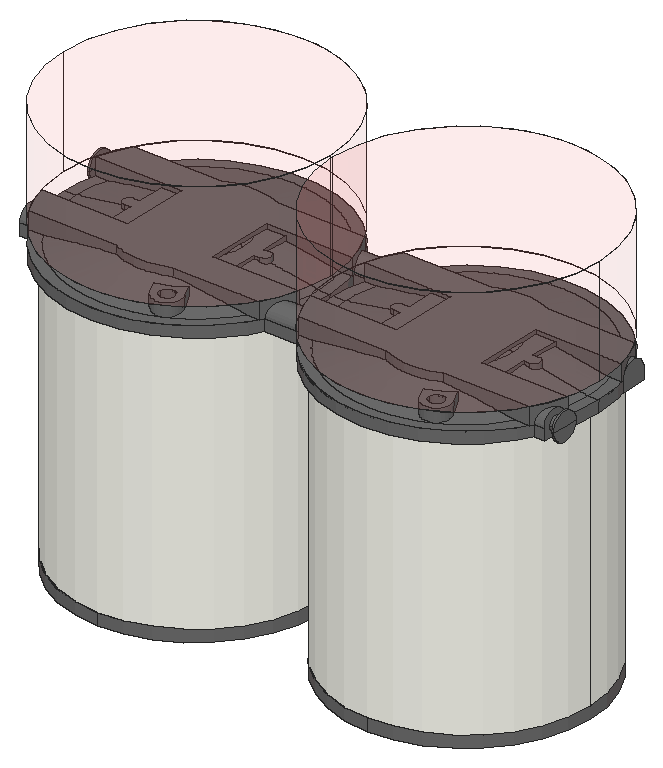
Revit family (continued)
Definition of nested family "Cooling_Plant_Accessories-Calmac-IceBank-Lid_C"
  Dimensions and locks (in)
    aligned and locked: Extrusion 5 sketch curve to plane 10 "Rigging Loop Back"  (x2)
    aligned and locked: plane 20 "Rigging Loop Front" to Extrusion 5 sketch curve  (x2)
    aligned and locked: plane 42 "Right Rigging Left" to Extrusion 5 sketch curve
    aligned and locked: plane 41 "Right Rigging Loop Left" to Extrusion 5 sketch curve  (x2)
    aligned and locked: Masking region 1 sketch curve to plane 2 "Bottom"
    aligned and locked: Masking region 1 sketch curve to plane 29 "Left"
    aligned and locked: plane 37 "Right" to Masking region 1 sketch curve
    aligned and locked: plane 4 "Back" to Masking region 2 sketch curve
    aligned and locked: plane 2 "Bottom" to Masking region 2 sketch curve
    aligned and locked: Masking region 2 sketch curve to plane 14 "Front"
    aligned and locked: plane 11 "Top Back Edge" to Masking region 2 sketch curve  (x2)
    aligned and locked: Masking region 2 sketch curve to plane 21 "Top Front Edge"
    aligned and locked: plane 12 "Back Inset" to Masking region 2 sketch curve
    aligned and locked: plane 21 "Top Front Edge" to Masking region 2 sketch curve
    aligned and locked: Masking region 2 sketch curve to Masking region 2 sketch curve
    aligned and locked: plane 22 "Front Inset" to Masking region 2 sketch curve
    aligned and locked: curve 73 to Extrusion 3
    aligned and locked: plane 8 "Piping Back" to cut or joined group of Revolve 1, Extrusion 2, Extrusion 4, Extrusion 5
    aligned and locked: curve 79 to cut or joined group of Revolve 1, Extrusion 2, Extrusion 4, Extrusion 5
    aligned and locked: curve 83 to cut or joined group of Revolve 1, Extrusion 2, Extrusion 4, Extrusion 5
    aligned and locked: cut or joined group of Revolve 1, Extrusion 2, Extrusion 4, Extrusion 5 to curve 87
    aligned and locked: curve 88 to Extrusion 3
    aligned and locked: curve 89 to Extrusion 3
    aligned and locked: curve 91 to Masking region 2
    aligned and locked: cut or joined group of Revolve 1, Extrusion 2, Extrusion 4, Extrusion 5 to curve 96
    aligned and locked: curve 97 to cut or joined group of Revolve 1, Extrusion 2, Extrusion 4, Extrusion 5
    aligned and locked: cut or joined group of Revolve 1, Extrusion 2, Extrusion 4, Extrusion 5 to curve 99
    aligned and locked: curve 100 to cut or joined group of Revolve 1, Extrusion 2, Extrusion 4, Extrusion 5
    aligned and locked: curve 101 to cut or joined group of Revolve 1, Extrusion 2, Extrusion 4, Extrusion 5
    aligned and locked: cut or joined group of Revolve 1, Extrusion 2, Extrusion 4, Extrusion 5 to curve 102
    aligned and locked: cut or joined group of Revolve 1, Extrusion 2, Extrusion 4, Extrusion 5 to curve 109
    aligned and locked: curve 110 to cut or joined group of Revolve 1, Extrusion 2, Extrusion 4, Extrusion 5
    aligned and locked: curve 111 to cut or joined group of Revolve 1, Extrusion 2, Extrusion 4, Extrusion 5
    aligned and locked: curve 112 to cut or joined group of Revolve 1, Extrusion 2, Extrusion 4, Extrusion 5
    aligned and locked: curve 113 to cut or joined group of Revolve 1, Extrusion 2, Extrusion 4, Extrusion 5
    aligned and locked: curve 114 to cut or joined group of Revolve 1, Extrusion 2, Extrusion 4, Extrusion 5
    aligned and locked: curve 115 to cut or joined group of Revolve 1, Extrusion 2, Extrusion 4, Extrusion 5
    aligned and locked: curve 116 to cut or joined group of Revolve 1, Extrusion 2, Extrusion 4, Extrusion 5
    aligned and locked: curve 117 to cut or joined group of Revolve 1, Extrusion 2, Extrusion 4, Extrusion 5
    aligned and locked: curve 118 to cut or joined group of Revolve 1, Extrusion 2, Extrusion 4, Extrusion 5
    aligned and locked: curve 119 to cut or joined group of Revolve 1, Extrusion 2, Extrusion 4, Extrusion 5
    aligned and locked: curve 120 to cut or joined group of Revolve 1, Extrusion 2, Extrusion 4, Extrusion 5
    aligned and locked: curve 121 to cut or joined group of Revolve 1, Extrusion 2, Extrusion 4, Extrusion 5
    aligned and locked: curve 122 to cut or joined group of Revolve 1, Extrusion 2, Extrusion 4, Extrusion 5
    aligned and locked: curve 123 to cut or joined group of Revolve 1, Extrusion 2, Extrusion 4, Extrusion 5
    aligned and locked: curve 124 to cut or joined group of Revolve 1, Extrusion 2, Extrusion 4, Extrusion 5
    aligned and locked: curve 125 to cut or joined group of Revolve 1, Extrusion 2, Extrusion 4, Extrusion 5
    aligned and locked: curve 126 to cut or joined group of Revolve 1, Extrusion 2, Extrusion 4, Extrusion 5
    aligned and locked: curve 127 to cut or joined group of Revolve 1, Extrusion 2, Extrusion 4, Extrusion 5
    aligned and locked: curve 128 to cut or joined group of Revolve 1, Extrusion 2, Extrusion 4, Extrusion 5
    aligned and locked: curve 129 to cut or joined group of Revolve 1, Extrusion 2, Extrusion 4, Extrusion 5
    aligned and locked: curve 130 to cut or joined group of Revolve 1, Extrusion 2, Extrusion 4, Extrusion 5
    aligned and locked: curve 131 to cut or joined group of Revolve 1, Extrusion 2, Extrusion 4, Extrusion 5
    aligned and locked: curve 132 to cut or joined group of Revolve 1, Extrusion 2, Extrusion 4, Extrusion 5
    aligned and locked: curve 133 to cut or joined group of Revolve 1, Extrusion 2, Extrusion 4, Extrusion 5
    aligned and locked: curve 134 to cut or joined group of Revolve 1, Extrusion 2, Extrusion 4, Extrusion 5
    aligned and locked: curve 135 to cut or joined group of Revolve 1, Extrusion 2, Extrusion 4, Extrusion 5
    aligned and locked: curve 136 to cut or joined group of Revolve 1, Extrusion 2, Extrusion 4, Extrusion 5
    aligned and locked: curve 137 to cut or joined group of Revolve 1, Extrusion 2, Extrusion 4, Extrusion 5
    aligned and locked: curve 138 to cut or joined group of Revolve 1, Extrusion 2, Extrusion 4, Extrusion 5
    aligned and locked: cut or joined group of Revolve 1, Extrusion 2, Extrusion 4, Extrusion 5 to curve 139
    aligned and locked: curve 140 to cut or joined group of Revolve 1, Extrusion 2, Extrusion 4, Extrusion 5
    aligned and locked: curve 141 to cut or joined group of Revolve 1, Extrusion 2, Extrusion 4, Extrusion 5
    aligned and locked: cut or joined group of Revolve 1, Extrusion 2, Extrusion 4, Extrusion 5 to curve 142
    aligned and locked: curve 143 to cut or joined group of Revolve 1, Extrusion 2, Extrusion 4, Extrusion 5
    aligned and locked: curve 144 to cut or joined group of Revolve 1, Extrusion 2, Extrusion 4, Extrusion 5
    aligned and locked: curve 145 to cut or joined group of Revolve 1, Extrusion 2, Extrusion 4, Extrusion 5
    aligned and locked: curve 146 to cut or joined group of Revolve 1, Extrusion 2, Extrusion 4, Extrusion 5
    aligned and locked: curve 147 to cut or joined group of Revolve 1, Extrusion 2, Extrusion 4, Extrusion 5
    aligned and locked: curve 148 to cut or joined group of Revolve 1, Extrusion 2, Extrusion 4, Extrusion 5
    aligned and locked: curve 149 to cut or joined group of Revolve 1, Extrusion 2, Extrusion 4, Extrusion 5
    aligned and locked: curve 150 to cut or joined group of Revolve 1, Extrusion 2, Extrusion 4, Extrusion 5
    aligned and locked: curve 151 to cut or joined group of Revolve 1, Extrusion 2, Extrusion 4, Extrusion 5
    aligned and locked: curve 152 to cut or joined group of Revolve 1, Extrusion 2, Extrusion 4, Extrusion 5
    aligned and locked: curve 153 to cut or joined group of Revolve 1, Extrusion 2, Extrusion 4, Extrusion 5
    aligned and locked: curve 154 to cut or joined group of Revolve 1, Extrusion 2, Extrusion 4, Extrusion 5
    aligned and locked: curve 117 to curve 155
    aligned and locked: plane 19 "Rigging Front" to curve 156
    aligned and locked: plane 9 "Rigging Back" to curve 156
    aligned and locked: curve 111 to curve 157
    aligned and locked: plane 19 "Rigging Front" to curve 158
    aligned and locked: plane 9 "Rigging Back" to curve 158
    aligned and locked: plane 8 "Piping Back" to curve 157  (x2)
    aligned and locked: curve 159 to cut or joined group of Revolve 1, Extrusion 2, Extrusion 4, Extrusion 5
    aligned and locked: curve 160 to cut or joined group of Revolve 1, Extrusion 2, Extrusion 4, Extrusion 5
    aligned and locked: curve 161 to curve 159
    aligned and locked: curve 162 to curve 160
    aligned and locked: curve 163 to cut or joined group of Revolve 1, Extrusion 2, Extrusion 4, Extrusion 5
    aligned and locked: curve 164 to cut or joined group of Revolve 1, Extrusion 2, Extrusion 4, Extrusion 5
    aligned and locked: curve 165 to cut or joined group of Revolve 1, Extrusion 2, Extrusion 4, Extrusion 5
    aligned and locked: curve 166 to cut or joined group of Revolve 1, Extrusion 2, Extrusion 4, Extrusion 5
    aligned and locked: curve 167 to cut or joined group of Revolve 1, Extrusion 2, Extrusion 4, Extrusion 5
    aligned and locked: curve 168 to cut or joined group of Revolve 1, Extrusion 2, Extrusion 4, Extrusion 5
    aligned and locked: curve 169 to cut or joined group of Revolve 1, Extrusion 2, Extrusion 4, Extrusion 5
    aligned and locked: curve 170 to cut or joined group of Revolve 1, Extrusion 2, Extrusion 4, Extrusion 5
    aligned and locked: cut or joined group of Revolve 1, Extrusion 2, Extrusion 4, Extrusion 5 to curve 171
    aligned and locked: curve 172 to cut or joined group of Revolve 1, Extrusion 2, Extrusion 4, Extrusion 5
    aligned and locked: curve 173 to cut or joined group of Revolve 1, Extrusion 2, Extrusion 4, Extrusion 5
    aligned and locked: curve 174 to cut or joined group of Revolve 1, Extrusion 2, Extrusion 4, Extrusion 5
    aligned and locked: curve 175 to cut or joined group of Revolve 1, Extrusion 2, Extrusion 4, Extrusion 5
    aligned and locked: curve 176 to cut or joined group of Revolve 1, Extrusion 2, Extrusion 4, Extrusion 5
    aligned and locked: curve 177 to cut or joined group of Revolve 1, Extrusion 2, Extrusion 4, Extrusion 5
    aligned and locked: curve 178 to cut or joined group of Revolve 1, Extrusion 2, Extrusion 4, Extrusion 5
    aligned and locked: curve 179 to cut or joined group of Revolve 1, Extrusion 2, Extrusion 4, Extrusion 5
    aligned and locked: curve 180 to cut or joined group of Revolve 1, Extrusion 2, Extrusion 4, Extrusion 5
    aligned and locked: cut or joined group of Revolve 1, Extrusion 2, Extrusion 4, Extrusion 5 to curve 181
    aligned and locked: cut or joined group of Revolve 1, Extrusion 2, Extrusion 4, Extrusion 5 to curve 182
    aligned and locked: cut or joined group of Revolve 1, Extrusion 2, Extrusion 4, Extrusion 5 to curve 183
    aligned and locked: cut or joined group of Revolve 1, Extrusion 2, Extrusion 4, Extrusion 5 to curve 184
    aligned and locked: curve 185 to cut or joined group of Revolve 1, Extrusion 2, Extrusion 4, Extrusion 5
    aligned and locked: cut or joined group of Revolve 1, Extrusion 2, Extrusion 4, Extrusion 5 to curve 186
    aligned and locked: curve 187 to cut or joined group of Revolve 1, Extrusion 2, Extrusion 4, Extrusion 5
    aligned and locked: cut or joined group of Revolve 1, Extrusion 2, Extrusion 4, Extrusion 5 to curve 188
    aligned and locked: plane 6 "Back Connector Center" to nested 4
    aligned: nested 4 to plane 44 "Connection Sleeve Left"
    aligned and locked: nested 1 to plane 6 "Back Connector Center"
    aligned: nested 1 to plane 45 "Connection Sleeve Right"
    aligned and locked: plane 16 "Fron Connector Center" to nested 2
    aligned: nested 2 to plane 45 "Connection Sleeve Right"
    aligned and locked: nested 3 to plane 16 "Fron Connector Center"
    aligned: nested 3 to plane 44 "Connection Sleeve Left"
    aligned and locked: plane 2 "Bottom" to curve 191
    aligned and locked: plane 1 "Center (Front/Back)" to curve 191
    aligned and locked: plane 3 "Center (Left/Right)" to nested 5
    aligned and locked: plane 1 "Center (Front/Back)" to nested 5
    aligned: plane 54 "Top of Clearance Box" to nested 5
    aligned: plane 55 "Top" to nested 5  (x4)
    aligned and locked: Masking region 1 to plane 55 "Top"
    aligned and locked: plane 57 "Center (Elevation)" to Extrusion 3 sketch curve  (x4)
    aligned and locked: plane 7 "Back Connector Front" to Extrusion 3 sketch curve
    aligned and locked: plane 55 "Top" to cut or joined group of Revolve 1, Extrusion 2, Extrusion 4, Extrusion 5
    aligned and locked: plane 57 "Center (Elevation)" to curve 162
    aligned and locked: cut or joined group of Revolve 1, Extrusion 2, Extrusion 4, Extrusion 5 to plane 57 "Center (Elevation)"
    aligned: plane 57 "Center (Elevation)" to nested 1  (x2)
    aligned: plane 57 "Center (Elevation)" to nested 2  (x2)
    aligned and locked: plane 57 "Center (Elevation)" to cut or joined group of Revolve 1, Extrusion 2, Extrusion 4, Extrusion 5  (x5)
    aligned and locked: curve 161 to plane 57 "Center (Elevation)"
    aligned: plane 57 "Center (Elevation)" to nested 3
    aligned: Masking region 2 to plane 55 "Top"
    aligned: plane 56 "Connector Channel Top" to Masking region 2
    aligned and locked: plane 21 "Top Front Edge" to Masking region 2
    aligned and locked: plane 58 "Front Inset 2" to Masking region 2
    aligned and locked: plane 57 "Center (Elevation)" to curve 78
    aligned and locked: curve 163 to plane 57 "Center (Elevation)"
    aligned and locked: curve 77 to plane 8 "Piping Back"
    aligned and locked: plane 9 "Rigging Back" to curve 86
    aligned and locked: plane 19 "Rigging Front" to curve 80
    aligned and locked: curve 95 to plane 18 "Piping Front"
    aligned and locked: curve 84 to plane 10 "Rigging Loop Back"
    aligned and locked: curve 82 to plane 20 "Rigging Loop Front"
    aligned and locked: cut or joined group of Revolve 1, Extrusion 2, Extrusion 4, Extrusion 5 to plane 56 "Connector Channel Top"
    aligned and locked: nested 5 to plane 54 "Top of Clearance Box"
    aligned and locked: plane 57 "Center (Elevation)" to nested 1
    aligned and locked: plane 57 "Center (Elevation)" to nested 2
    aligned and locked: plane 57 "Center (Elevation)" to nested 3
    aligned and locked: plane 55 "Top" to nested 5  (x6)
    aligned and locked: plane 54 "Top of Clearance Box" to nested 5  (x4)
    aligned and locked: Masking region 2 sketch curve to plane 55 "Top"
    aligned and locked: plane 56 "Connector Channel Top" to Masking region 2 sketch curve
    aligned and locked: curve 192 to curve 177
    aligned and locked: curve 193 to curve 176
    aligned and locked: curve 194 to curve 175
    aligned and locked: curve 195 to curve 174
    aligned and locked: curve 196 to curve 173
    aligned and locked: curve 197 to curve 172
    aligned and locked: curve 198 to curve 171
    aligned and locked: curve 199 to curve 170
    aligned and locked: curve 200 to curve 169
    aligned and locked: curve 201 to curve 180
    aligned and locked: curve 202 to curve 179
    aligned and locked: curve 203 to curve 178
    aligned and locked: curve 204 to curve 162
    aligned and locked: curve 205 to curve 161
    aligned and locked: Extrusion 3 to plane 60 "Insulation - Right"
    aligned and locked: Extrusion 3 to plane 61 "Insulation - Left"
    aligned and locked: plane 7 "Back Connector Front" to Masking region 4 sketch curve
    aligned and locked: Masking region 4 sketch curve to plane 5 "Back Connector Back"
    aligned and locked: plane 17 "Front Connector Back" to Masking region 4 sketch curve
    aligned and locked: Masking region 4 sketch curve to plane 15 "Front Connection Front"
    aligned and locked: plane 61 "Insulation - Left" to Masking region 4 sketch curve  (x2)
    aligned and locked: plane 60 "Insulation - Right" to Masking region 4 sketch curve  (x2)
    aligned and locked: nested 4 to plane 61 "Insulation - Left"
    aligned and locked: nested 3 to plane 61 "Insulation - Left"
    aligned and locked: nested 1 to plane 60 "Insulation - Right"
    aligned and locked: nested 2 to plane 60 "Insulation - Right"
    aligned and locked: plane 61 "Insulation - Left" to Masking region 5 sketch curve
    aligned and locked: plane 56 "Connector Channel Top" to Masking region 5 sketch curve
    aligned and locked: plane 2 "Bottom" to Masking region 5 sketch curve
    aligned and locked: plane 60 "Insulation - Right" to Masking region 5 sketch curve
    aligned and locked: plane 2 "Bottom" to curve 213
    aligned and locked: curve 213 to plane 60 "Insulation - Right"
    aligned and locked: curve 208 to plane 61 "Insulation - Left"
    aligned and locked: plane 2 "Bottom" to curve 208
    aligned and locked: plane 62 "Flange Left" to nested 4
  Automatic sketch dimensions
    Extrusion 4 sketch curve to Extrusion 4 sketch curve = 0' - 0"
    Extrusion 5 sketch curve to plane 9 "Rigging Back" = 0' - 0"
    Extrusion 2 sketch curve to Extrusion 2 sketch curve = 0' - 0"  (x5)
    Extrusion 2 sketch curve to plane 35 "Top Left" = 0' - 0"
    Extrusion 2 sketch curve to plane 3 "Center (Left/Right)" = 0' - 0"
    Extrusion 2 sketch curve to plane 9 "Rigging Back" = 0' - 0"
    plane 30 "Left Lip Inset" to Extrusion 2 sketch curve = 0' - 1.96722"  (x2)
    plane 38 "Lid Inset Right" to Extrusion 2 sketch curve = 0' - 1.96722"  (x2)
    Extrusion 2 sketch curve to plane 20 "Rigging Loop Front" = 0' - 0.60261"
    Extrusion 2 sketch curve to plane 10 "Rigging Loop Back" = 0' - 0.60261"
    Masking region 2 sketch curve to plane 27 "Pad Eye Front Center" = 0' - 0.69072"
    Revolve 1 sketch curve to Revolve 1 sketch curve = 0' - 3 3/4"
    Revolve 1 sketch curve to Revolve 1 sketch curve = 0' - 9"
    Revolve 1 sketch curve to Revolve 1 sketch curve = 0' - 0"
    Masking region 1 sketch curve to Masking region 1 sketch curve = 0' - 9 1/4"
    Masking region 2 sketch curve to plane 22 "Front Inset" = 0' - 0"
    Masking region 2 sketch curve to Masking region 2 sketch curve = 0' - 3 3/4"
    Masking region 2 sketch curve to Masking region 2 sketch curve = 0' - 0.64281"
    level to Masking region 2 sketch curve = 0' - 6.26888"
    level to Masking region 2 sketch curve = 0' - 6.54801"
    Masking region 2 sketch curve to Masking region 2 sketch curve = 0' - 0.27913"
    Masking region 2 sketch curve to Masking region 2 sketch curve = 0' - 3.60719"
    curve 99 to plane 50 "Top Left Inset" = 0' - 0"
    curve 98 to plane 3 "Center (Left/Right)" = 0' - 0"
    curve 100 to plane 56 "Connector Channel Top" = 0' - 0"
    plane 43 "Top Right" to curve 102 = 0' - 0"
    plane 51 "Top Right Inset" to curve 109 = 0' - 0"
    curve 99 to plane 55 "Top" = 0' - 0"
    curve 109 to plane 55 "Top" = 0' - 0"
    plane 50 "Top Left Inset" to curve 110 = 0' - 4.45635"
    curve 98 to plane 32 "Left Rigging Loop Inset" = 0' - 1.17979"
    plane 35 "Top Left" to curve 98 = 0' - 0"
    plane 43 "Top Right" to curve 98 = 0' - 0.20898"
    plane 57 "Center (Elevation)" to curve 105 = 0' - 0.73854"
    curve 105 to plane 43 "Top Right" = 0' - 2.02375"
    plane 46 "Right Center" to curve 105 = 0' - 0.99812"
    plane 46 "Right Center" to curve 105 = 0' - 0.88046"
    curve 107 to plane 46 "Right Center" = 0' - 0.34333"
    plane 41 "Right Rigging Loop Left" to curve 106 = 0' - 0.48196"
    curve 106 to curve 106 = 0' - 0.0769"
    plane 41 "Right Rigging Loop Left" to curve 101 = 0' - 0.25712"
    curve 108 to curve 97 = 0' - 5.53004"
    plane 57 "Center (Elevation)" to curve 106 = 0' - 0.21408"
    plane 57 "Center (Elevation)" to curve 100 = 0' - 1.59188"
    curve 103 to curve 108 = 0' - 1.3737"
    curve 100 to curve 98 = 0' - 1.22618"
    level to curve 110 = 0' - 6.56901"
    curve 188 to plane 18 "Piping Front" = 0' - 0"
    curve 188 to plane 57 "Center (Elevation)" = 0' - 0"
    curve 188 to plane 55 "Top" = 0' - 0"
    curve 187 to plane 57 "Center (Elevation)" = 0' - 0.14855"
    curve 187 to plane 8 "Piping Back" = 0' - 0"
    curve 187 to plane 55 "Top" = 0' - 0"
    curve 186 to plane 18 "Piping Front" = 0' - 0"
    curve 185 to plane 8 "Piping Back" = 0' - 0"
    curve 185 to plane 57 "Center (Elevation)" = 0' - 0"
    curve 185 to plane 55 "Top" = 0' - 0"
    curve 186 to plane 57 "Center (Elevation)" = 0' - 0"
    curve 186 to plane 55 "Top" = 0' - 0.21345"
    curve 112 to curve 116 = 0' - 0"  (x2)
    curve 112 to curve 120 = 0' - 0"  (x2)
    curve 112 to curve 124 = 0' - 0"  (x2)
    curve 112 to curve 130 = 0' - 0"  (x2)
    curve 112 to curve 131 = 0' - 0"
    curve 112 to curve 145 = 0' - 0"
    curve 112 to curve 146 = 0' - 0"  (x2)
    curve 112 to curve 156 = 0' - 0"  (x2)
    curve 112 to curve 158 = 0' - 0"  (x2)
    curve 112 to curve 161 = 0' - 0"  (x2)
    curve 112 to curve 163 = 0' - 0"  (x2)
    curve 112 to curve 164 = 0' - 0"  (x2)
    curve 112 to curve 165 = 0' - 0"  (x2)
    curve 112 to curve 166 = 0' - 0"
    curve 112 to curve 167 = 0' - 0"  (x2)
    curve 112 to curve 168 = 0' - 0"
    curve 118 to curve 176 = 0' - 0"  (x2)
    curve 126 to curve 170 = 0' - 0"
    curve 151 to curve 153 = 0' - 0"
    curve 151 to curve 154 = 0' - 0"
    curve 123 to plane 52 "Right Side Chanel" = 0' - 0"
    curve 121 to plane 52 "Right Side Chanel" = 0' - 0"
    curve 168 to plane 38 "Lid Inset Right" = 0' - 0"
    plane 20 "Rigging Loop Front" to curve 135 = 0' - 0"
    plane 1 "Center (Front/Back)" to curve 136 = 0' - 0"
    curve 133 to plane 41 "Right Rigging Loop Left" = 0' - 0"
    curve 137 to plane 41 "Right Rigging Loop Left" = 0' - 0"
    curve 179 to plane 42 "Right Rigging Left" = 0' - 0"
    curve 118 to plane 43 "Top Right" = 0' - 0"
    curve 125 to plane 43 "Top Right" = 0' - 0"
    plane 18 "Piping Front" to curve 176 = 0' - 0"
    curve 176 to plane 43 "Top Right" = 0' - 0"
    curve 155 to plane 3 "Center (Left/Right)" = 0' - 0"
    curve 176 to plane 3 "Center (Left/Right)" = 0' - 0"
    curve 170 to plane 3 "Center (Left/Right)" = 0' - 0"
    curve 157 to plane 3 "Center (Left/Right)" = 0' - 0"
    plane 18 "Piping Front" to curve 117 = 0' - 0"
    curve 113 to plane 34 "Left Rigging Right" = 0' - 0"
    curve 143 to plane 33 "Left Rigging Loop Right" = 0' - 0"
    curve 148 to plane 33 "Left Rigging Loop Right" = 0' - 0"
    curve 140 to plane 10 "Rigging Loop Back" = 0' - 0"
    plane 1 "Center (Front/Back)" to curve 140 = 0' - 0"
    curve 112 to plane 50 "Top Left Inset" = 0' - 0"
    curve 116 to plane 50 "Top Left Inset" = 0' - 0"
    curve 166 to plane 30 "Left Lip Inset" = 0' - 0"
    curve 158 to curve 168 = 0' - 0"
    curve 120 to curve 164 = 0' - 4.45635"
    curve 155 to curve 164 = 0' - 0"
    plane 51 "Top Right Inset" to curve 163 = 0' - 4.45635"
    curve 157 to curve 163 = 0' - 0"
    curve 135 to plane 40 "Right Rigging Loop Inset" = 0' - 1.25367"
    curve 151 to plane 24 "Pad Eye Back Left Offset" = 0' - 0.24397"
    plane 41 "Right Rigging Loop Left" to curve 151 = 0' - 0.73123"
    curve 153 to plane 46 "Right Center" = 0' - 0.40154"
    plane 46 "Right Center" to curve 152 = 0' - 0.11395"
    curve 151 to plane 42 "Right Rigging Left" = 0' - 1.55753"
    curve 131 to plane 42 "Right Rigging Left" = 0' - 1.24396"
    plane 25 "Pad Eye Hole" to curve 151 = 0' - 0.41045"
    plane 42 "Right Rigging Left" to curve 151 = 0' - 2.62837"
    plane 26 "Pad Eye Back Left" to curve 150 = 0' - 0.04987"
    plane 43 "Top Right" to curve 150 = 0' - 0.20898"
    plane 43 "Top Right" to curve 169 = 0' - 0.88239"
    plane 1 "Center (Front/Back)" to curve 149 = 0' - 0.00093"
    plane 3 "Center (Left/Right)" to curve 149 = 0' - 0.00344"
    curve 146 to plane 34 "Left Rigging Right" = 0' - 1.24396"
    curve 140 to plane 32 "Left Rigging Loop Inset" = 0' - 1.24992"
    curve 156 to curve 165 = 0' - 0"
    curve 170 to plane 10 "Rigging Loop Back" = 0' - 0.60261"
    curve 157 to plane 1 "Center (Front/Back)" = 0' - 0.00493"
    curve 149 to curve 155 = 0' - 0.03088"
    curve 118 to plane 20 "Rigging Loop Front" = 0' - 0.60261"
    curve 184 to plane 19 "Rigging Front" = 0' - 0"
    curve 183 to plane 9 "Rigging Back" = 0' - 0"
    curve 184 to plane 57 "Center (Elevation)" = 0' - 0"
    curve 183 to plane 57 "Center (Elevation)" = 0' - 0"
    curve 184 to plane 55 "Top" = 0' - 0"
    curve 183 to plane 55 "Top" = 0' - 0"
    curve 182 to plane 57 "Center (Elevation)" = 0' - 0"
    curve 182 to plane 55 "Top" = 0' - 0"
    curve 181 to plane 9 "Rigging Back" = 0' - 0"
    curve 181 to plane 57 "Center (Elevation)" = 0' - 0"
    curve 181 to plane 55 "Top" = 0' - 0"
    curve 182 to plane 19 "Rigging Front" = 0' - 0"
    curve 92 to plane 21 "Top Front Edge" = 0' - 0"
    curve 76 to plane 11 "Top Back Edge" = 0' - 0"
    curve 78 to plane 12 "Back Inset" = 0' - 0"
    level to curve 74 = 0' - 0"
    level to curve 89 = 0' - 0"
    level to curve 90 = 0' - 0"
    level to curve 75 = 0' - 0"
    plane 56 "Connector Channel Top" to curve 81 = 0' - 0"
    plane 56 "Connector Channel Top" to curve 85 = 0' - 0"
    curve 80 to plane 55 "Top" = 0' - 0"
    curve 77 to plane 55 "Top" = 0' - 0"
    curve 191 to plane 55 "Top" = 0' - 0"
    curve 86 to plane 55 "Top" = 0' - 0"
    curve 95 to plane 55 "Top" = 0' - 0"
    plane 23 "Pad Eye Back Right" to curve 91 = 0' - 0.21387"
    curve 91 to plane 58 "Front Inset 2" = 0' - 0.00052"
    plane 22 "Front Inset" to curve 96 = 0' - 0.00227"
    plane 18 "Piping Front" to curve 92 = 0' - 0.02422"
    curve 93 to plane 20 "Rigging Loop Front" = 0' - 0.00136"
    plane 1 "Center (Front/Back)" to curve 94 = 0' - 0.0138"
    plane 1 "Center (Front/Back)" to curve 94 = 0' - 0.00177"
    curve 93 to plane 1 "Center (Front/Back)" = 0' - 0.01386"
    curve 94 to plane 10 "Rigging Loop Back" = 0' - 0.00136"
    curve 76 to plane 8 "Piping Back" = 0' - 0.00969"
    plane 56 "Connector Channel Top" to curve 93 = 0' - 1.56605"
    plane 56 "Connector Channel Top" to curve 76 = 0' - 1.45199"
    plane 56 "Connector Channel Top" to curve 92 = 0' - 1.45199"
    curve 94 to curve 93 = 0' - 0.32132"
    curve 94 to curve 83 = 0' - 0.34177"
    curve 94 to curve 84 = 0' - 0.00054"
    curve 94 to curve 94 = 0' - 0.00054"
    curve 82 to curve 93 = 0' - 0.00002"
    curve 93 to curve 93 = 0' - 0.00002"
    curve 16 to curve 157 = 0' - 1.61517"
    curve 18 to curve 18 = 0' - 0.6236"
    curve 17 to plane 11 "Top Back Edge" = 0' - 1.60052"
    curve 18 to curve 17 = 0' - 0.6236"
    curve 18 to curve 16 = 0' - 1.56427"
    curve 16 to curve 17 = 0' - 1.24719"
    curve 18 to curve 17 = 0' - 0.78196"
    curve 17 to curve 17 = 0' - 1.24746"
    curve 16 to curve 17 = 0' - 1.56393"
    curve 15 to plane 31 "Left Rigging Loop Left" = 0' - 0.92879"
    curve 15 to curve 15 = 0' - 0.78196"
    curve 15 to curve 13 = 0' - 1.24746"
    curve 15 to curve 14 = 0' - 0.78196"
    curve 13 to curve 14 = 0' - 1.56393"
    curve 14 to curve 16 = 0' - 5.29454"
    curve 15 to curve 14 = 0' - 0.6236"
    curve 14 to curve 14 = 0' - 1.56427"
    curve 13 to curve 14 = 0' - 1.24719"
    plane 1 "Center (Front/Back)" to curve 60 = 0' - 0"
    curve 1 to plane 47 "Bolt Inset Right" = 0' - 0"
    curve 41 to plane 14 "Front" = 0' - 0"
    curve 41 to plane 47 "Bolt Inset Right" = 0' - 0"
    curve 42 to plane 3 "Center (Left/Right)" = 0' - 0"
    curve 2 to plane 48 "Bolt Inset Left" = 0' - 0"
    plane 1 "Center (Front/Back)" to curve 24 = 0' - 0"
    plane 4 "Back" to curve 2 = 0' - 0"
    plane 4 "Back" to curve 1 = 0' - 0"
    plane 49 "Bolt Inset Center" to curve 3 = 0' - 0"
    curve 40 to plane 14 "Front" = 0' - 0"
    curve 58 to plane 37 "Right" = 0' - 0.00227"
    curve 59 to plane 37 "Right" = 0' - 0.00227"
    curve 61 to plane 52 "Right Side Chanel" = 0' - 0.5656"
    curve 56 to plane 52 "Right Side Chanel" = 0' - 0.5656"
    curve 55 to plane 52 "Right Side Chanel" = 0' - 0.12048"
    curve 62 to plane 52 "Right Side Chanel" = 0' - 0.12048"
    plane 45 "Connection Sleeve Right" to curve 60 = 0' - 0.26851"
    curve 56 to plane 38 "Lid Inset Right" = 0' - 0.97814"
    curve 63 to plane 38 "Lid Inset Right" = 0' - 0.97814"
    curve 63 to plane 38 "Lid Inset Right" = 0' - 0.75558"
    curve 57 to plane 38 "Lid Inset Right" = 0' - 0.75558"
    curve 62 to plane 38 "Lid Inset Right" = 0' - 0.53302"
    curve 55 to plane 38 "Lid Inset Right" = 0' - 0.53302"
    curve 53 to plane 23 "Pad Eye Back Right" = 0' - 1.03206"
    plane 51 "Top Right Inset" to curve 53 = 0' - 3.26006"
    plane 51 "Top Right Inset" to curve 64 = 0' - 3.26006"
    plane 26 "Pad Eye Back Left" to curve 52 = 0' - 1.31658"
    curve 53 to curve 52 = 0' - 1.24719"
    curve 64 to curve 65 = 0' - 1.24719"
    curve 64 to curve 66 = 0' - 1.56427"
    curve 64 to plane 11 "Top Back Edge" = 0' - 1.60052"
    plane 23 "Pad Eye Back Right" to curve 53 = 0' - 0.21541"
    curve 53 to curve 53 = 0' - 1.56427"
    curve 53 to curve 54 = 0' - 0.6236"
    curve 66 to curve 66 = 0' - 0.6236"  (x2)
    curve 54 to curve 52 = 0' - 0.6236"
    curve 67 to plane 39 "Right Rigging Loop Right" = 0' - 3.74019"
    plane 25 "Pad Eye Hole" to curve 50 = 0' - 0.6295"
    curve 50 to plane 39 "Right Rigging Loop Right" = 0' - 3.74019"
    curve 67 to curve 67 = 0' - 1.24746"
    curve 50 to curve 50 = 0' - 1.24746"
    curve 49 to plane 25 "Pad Eye Hole" = 0' - 0.61769"
    curve 50 to curve 49 = 0' - 1.56393"
    curve 67 to curve 68 = 0' - 1.56393"
    curve 69 to curve 69 = 0' - 0.78196"
    curve 50 to curve 51 = 0' - 0.78196"
    curve 49 to plane 39 "Right Rigging Loop Right" = 0' - 0.92879"
    curve 69 to plane 39 "Right Rigging Loop Right" = 0' - 0.92879"
    plane 41 "Right Rigging Loop Left" to curve 47 = 0' - 0.54143"
    plane 41 "Right Rigging Loop Left" to curve 70 = 0' - 0.54143"
    plane 41 "Right Rigging Loop Left" to curve 48 = 0' - 1.40954"
    plane 41 "Right Rigging Loop Left" to curve 72 = 0' - 1.40954"
    curve 72 to plane 46 "Right Center" = 0' - 0.53926"
    curve 48 to plane 46 "Right Center" = 0' - 0.53926"
    plane 22 "Front Inset" to curve 46 = 0' - 0.13961"
    curve 46 to plane 46 "Right Center" = 0' - 0.50624"
    plane 12 "Back Inset" to curve 71 = 0' - 0.13961"
    curve 71 to plane 46 "Right Center" = 0' - 0.50624"
    plane 46 "Right Center" to curve 48 = 0' - 0.36187"
    plane 46 "Right Center" to curve 72 = 0' - 0.36187"
    curve 4 to plane 43 "Top Right" = 0' - 1.29276"
    curve 44 to plane 43 "Top Right" = 0' - 1.29276"
    curve 45 to plane 43 "Top Right" = 0' - 0.84755"
    plane 13 "Back Bolt Front" to curve 6 = 0' - 0.28224"
    curve 6 to plane 43 "Top Right" = 0' - 0.84755"
    plane 43 "Top Right" to curve 45 = 0' - 0.12755"
    plane 13 "Back Bolt Front" to curve 6 = 0' - 0.05968"
    plane 43 "Top Right" to curve 6 = 0' - 0.12755"
    plane 43 "Top Right" to curve 43 = 0' - 0.65743"
    plane 43 "Top Right" to curve 5 = 0' - 0.65743"
    curve 45 to curve 43 = 0' - 0.97509"
    curve 5 to plane 13 "Back Bolt Front" = 0' - 0.16288"
    curve 9 to plane 13 "Back Bolt Front" = 0' - 0.16288"
    plane 35 "Top Left" to curve 9 = 0' - 1.10264"
    plane 35 "Top Left" to curve 38 = 0' - 1.10264"
    plane 35 "Top Left" to curve 38 = 0' - 0.65743"
    plane 35 "Top Left" to curve 7 = 0' - 0.65743"
    plane 35 "Top Left" to curve 39 = 0' - 0.12755"
    plane 13 "Back Bolt Front" to curve 9 = 0' - 0.05968"
    plane 35 "Top Left" to curve 9 = 0' - 0.12755"
    curve 39 to plane 22 "Front Inset" = 0' - 0.53076"
    curve 39 to plane 35 "Top Left" = 0' - 0.84755"
    plane 13 "Back Bolt Front" to curve 8 = 0' - 0.28224"
    curve 8 to plane 35 "Top Left" = 0' - 1.29276"
    curve 37 to plane 35 "Top Left" = 0' - 1.29276"
    plane 33 "Left Rigging Loop Right" to curve 36 = 0' - 3.21178"
    plane 33 "Left Rigging Loop Right" to curve 12 = 0' - 3.21178"
    plane 12 "Back Inset" to curve 10 = 0' - 0.13961"
    curve 10 to curve 10 = 0' - 0.8681"
    plane 22 "Front Inset" to curve 35 = 0' - 0.13961"
    curve 36 to curve 35 = 0' - 0.8681"
    curve 12 to curve 12 = 0' - 0.90112"
    curve 35 to curve 36 = 0' - 0.90112"
    curve 12 to curve 11 = 0' - 0.90112"
    curve 36 to plane 58 "Front Inset 2" = 0' - 0.83541"
    curve 36 to curve 36 = 0' - 0.90112"
    plane 33 "Left Rigging Loop Right" to curve 11 = 0' - 0.54143"
    plane 33 "Left Rigging Loop Right" to curve 34 = 0' - 0.54143"
    curve 32 to plane 31 "Left Rigging Loop Left" = 0' - 0.92879"
    curve 32 to curve 33 = 0' - 0.78196"
    curve 32 to plane 25 "Pad Eye Hole" = 0' - 0.61769"
    curve 33 to curve 32 = 0' - 1.24746"
    curve 33 to curve 33 = 0' - 0.78196"
    plane 25 "Pad Eye Hole" to curve 31 = 0' - 0.6295"
    curve 32 to curve 31 = 0' - 1.56393"
    curve 30 to curve 155 = 0' - 1.61517"
    curve 29 to plane 23 "Pad Eye Back Right" = 0' - 1.34852"
    curve 29 to curve 30 = 0' - 0.6236"
    plane 23 "Pad Eye Back Right" to curve 28 = 0' - 0.21541"
    curve 30 to curve 28 = 0' - 0.6236"
    plane 26 "Pad Eye Back Left" to curve 29 = 0' - 1.31658"
    curve 30 to curve 29 = 0' - 1.56427"
    curve 28 to plane 23 "Pad Eye Back Right" = 0' - 1.03206"
    curve 29 to curve 28 = 0' - 1.24719"
    curve 19 to plane 30 "Left Lip Inset" = 0' - 0.53302"
    curve 27 to plane 30 "Left Lip Inset" = 0' - 0.53302"
    curve 21 to plane 30 "Left Lip Inset" = 0' - 0.75558"
    curve 27 to plane 30 "Left Lip Inset" = 0' - 0.75558"
    curve 20 to plane 30 "Left Lip Inset" = 0' - 0.97814"
    curve 27 to plane 30 "Left Lip Inset" = 0' - 0.97814"
    plane 44 "Connection Sleeve Left" to curve 23 = 0' - 0.26851"
    curve 26 to plane 53 "Left Side Channel" = 0' - 0.12048"
    curve 19 to plane 53 "Left Side Channel" = 0' - 0.12048"
    curve 20 to plane 53 "Left Side Channel" = 0' - 0.5656"
    curve 25 to plane 53 "Left Side Channel" = 0' - 0.5656"
    curve 22 to plane 29 "Left" = 0' - 0.00227"
    curve 23 to plane 29 "Left" = 0' - 0.00227"
    plane 4 "Back" to curve 5 = 0' - 0.88851"
    plane 4 "Back" to curve 7 = 0' - 0.88851"
    curve 8 to plane 49 "Bolt Inset Center" = 0' - 0.66715"
    curve 4 to plane 49 "Bolt Inset Center" = 0' - 0.66715"
    plane 12 "Back Inset" to curve 11 = 0' - 1.00752"
    plane 12 "Back Inset" to curve 70 = 0' - 1.00752"
    plane 12 "Back Inset" to curve 10 = 0' - 1.94225"
    plane 12 "Back Inset" to curve 71 = 0' - 1.94225"
    curve 12 to curve 12 = 0' - 0.43396"
    curve 71 to curve 72 = 0' - 0.43396"
    plane 12 "Back Inset" to curve 68 = 0' - 5.22954"
    curve 68 to curve 67 = 0' - 1.24719"
    curve 68 to curve 68 = 0' - 1.56427"
    curve 68 to curve 69 = 0' - 0.6236"
    curve 65 to curve 64 = 0' - 2.81139"
    curve 65 to curve 64 = 0' - 1.56393"
    curve 65 to curve 66 = 0' - 0.78196"
    curve 19 to plane 9 "Rigging Back" = 0' - 0.41389"
    curve 62 to plane 9 "Rigging Back" = 0' - 0.41389"
    curve 21 to plane 9 "Rigging Back" = 0' - 0.85911"
    curve 62 to plane 9 "Rigging Back" = 0' - 0.85911"
    curve 62 to curve 63 = 0' - 0.97509"
    curve 21 to curve 21 = 0' - 0.97509"
    curve 62 to curve 61 = 0' - 1.95019"
    curve 19 to curve 20 = 0' - 1.95019"
    curve 59 to plane 10 "Rigging Loop Back" = 0' - 0.99983"
    curve 24 to plane 10 "Rigging Loop Back" = 0' - 0.99983"
    curve 25 to plane 19 "Rigging Front" = 0' - 2.80929"
    curve 56 to plane 19 "Rigging Front" = 0' - 2.80929"
    curve 57 to curve 56 = 0' - 0.44521"
    curve 25 to curve 25 = 0' - 0.44521"
    curve 56 to curve 57 = 0' - 0.97509"
    curve 27 to curve 27 = 0' - 0.97509"
    curve 26 to plane 19 "Rigging Front" = 0' - 0.41389"
    curve 55 to plane 19 "Rigging Front" = 0' - 0.41389"
    curve 54 to plane 23 "Pad Eye Back Right" = 0' - 0.56656"
    curve 33 to curve 31 = 0' - 1.56427"
    curve 51 to curve 50 = 0' - 1.56427"
    curve 50 to curve 51 = 0' - 0.6236"
    curve 33 to curve 33 = 0' - 0.6236"
    curve 48 to plane 58 "Front Inset 2" = 0' - 0.83541"
    curve 36 to curve 36 = 0' - 0.43396"
    curve 47 to curve 48 = 0' - 0.43396"
    plane 22 "Front Inset" to curve 47 = 0' - 1.00752"
    plane 22 "Front Inset" to curve 34 = 0' - 1.00752"
    curve 44 to plane 22 "Front Inset" = 0' - 0.53076"
    curve 39 to plane 22 "Front Inset" = 0' - 0.75332"
    curve 45 to plane 22 "Front Inset" = 0' - 0.75332"
    curve 40 to plane 22 "Front Inset" = 0' - 1.81422"
    plane 14 "Front" to curve 44 = 0' - 1.33363"
    plane 14 "Front" to curve 37 = 0' - 1.33363"
    plane 14 "Front" to curve 43 = 0' - 0.88851"
    plane 14 "Front" to curve 38 = 0' - 0.88851"
    curve 190 to plane 3 "Center (Left/Right)" = 0' - 0"
    curve 200 to curve 199 = 0' - 0.88239"
    curve 189 to plane 37 "Right" = 0' - 0"
    plane 1 "Center (Front/Back)" to curve 189 = 0' - 0"
    curve 189 to plane 29 "Left" = 0' - 0"
    curve 204 to curve 206 = 0' - 0"  (x2)
    curve 204 to curve 207 = 0' - 0"  (x2)
    curve 192 to plane 51 "Top Right Inset" = 0' - 0"
    plane 14 "Front" to curve 190 = 0' - 0.00227"
    curve 197 to plane 53 "Left Side Channel" = 0' - 0"
    plane 4 "Back" to curve 190 = 0' - 0.00227"
    plane 1 "Center (Front/Back)" to Masking region 3 sketch curve = 0' - 0"
    Masking region 3 sketch curve to plane 3 "Center (Left/Right)" = 0' - 0"
    curve 210 to curve 211 = 0' - 0.15401"
    curve 212 to curve 209 = 0' - 2.08906"
    curve 209 to curve 212 = 0' - 0.36274"
    curve 208 to curve 209 = 0' - 1 1/4"
    curve 208 to curve 211 = 0' - 0"
    curve 211 to curve 211 = 0' - 3 3/4"
    curve 211 to curve 210 = 0' - 1.76036"
    curve 210 to curve 209 = 0' - 0.06398"
    plane 60 "Insulation - Right" to curve 217 = 0' - 3.49307"
    curve 215 to curve 215 = 0' - 0.15401"
    curve 214 to curve 216 = 0' - 2.08906"
    curve 216 to curve 214 = 0' - 0.36274"
    curve 217 to curve 213 = 0' - 0"
    curve 217 to curve 217 = 0' - 3 3/4"
    curve 215 to curve 214 = 0' - 1.76036"
    curve 215 to curve 214 = 0' - 0.06398"
    radius of Masking region 3 sketch curve = 3' - 8.31273"
  Nested families (in)
    nested 1: "Cooling_Plant_Accessories-Calmac-IceBank-4-Inch Flanged Connection" at (42.59375, 16.5, 3.75), Pipe Material <- "Pipe Material", visible <- "Is Back Right Flanged Connector Visibility", type <- "Connections Front", type "Flange"
      with Pipe Material Plastic- Calmac- Black
    nested 2: "Cooling_Plant_Accessories-Calmac-IceBank-4-Inch Flanged Connection" at (42.59375, -16.5, 3.75), Pipe Material <- "Pipe Material", visible <- "Is Front Right  Flanged Connector Visibility", type <- "Connections Front", type "Flange"
      with Pipe Material Plastic- Calmac- Black
    nested 3: "Cooling_Plant_Accessories-Calmac-IceBank-4-Inch Flanged Connection" at (-42.59375, -16.5, 3.75) x (-1, 0, 0) z (0, 0, 1), Pipe Material <- "Pipe Material", visible <- "Is Front Left  Flanged Connector Visibility", type <- "Connections Rear", type "Flange"
      with Pipe Material Plastic- Calmac- Black
    nested 4: "Cooling_Plant_Accessories-Calmac-IceBank-4-Inch Flanged Connection" at (-42.59375, 16.5, 3.75) x (-1, 0, 0) z (0, 0, 1), Pipe Material <- "Pipe Material", visible <- "Is Back Left  Flanged Connector Visibility", type <- "Connections Rear", type "Flange"
      with Pipe Material Plastic- Calmac- Black
    nested 5: "Cooling_Plant_Accessories-Calmac-IceBankClearance Box" at (0, 0, 15.25), CTRL Radius <- "CTRL Radius", visible <- "Is Clearance Box Visible", type "Include Clearance"
      with Width 7' - 4 5/8", Height 3' - 0", Depth 7' - 4 5/8", CTRL Radius 3' - 8 5/16"
  Definition of nested family "Cooling_Plant_Accessories-Calmac-IceBank-4-Inch Flanged Connection"
    Parameters (values of type "Flange")
      Pipe Material [instance] = Default
      No Flange = not(Has Flange)  # no
      Has Flange = yes
    Types (3): name | Pipe Material | No Flange | Has Flange
      (no name) | Default | no | yes
      Flange | Default | no | yes
      No Flange | none | yes | no
    Reference planes (in)
      plane 1 "Center (Front/Back)": y = 0
      plane 2 "Center (Elevation)": z = 0
      plane 3 "Center (Left/Right)": x = 0
      plane 4 "Back": y = 4.5
      plane 5 "Back Face": x = 2.79297
      plane 6 "Base Back": y = 2.25
      plane 7 "Fase Back": y = 3
      plane 8 "Front": y = -4.5
      plane 9 "Base Front": y = -2.25
      plane 10 "Face Front": y = -3
      plane 11 "Face": x = 3.41797
      plane 12 "T.O. Flange": z = 4.5
      plane 13 "T.O. Pipe": z = 2.25
      plane 14 "B.O. Flange": z = -4.5
      plane 15 "B.O. Pipe": z = -2.25
    Forms (in)
      Revolve 1, solid, material "Default" <- "Pipe Material", visible <- "Has Flange", detail levels fine
        sketch origin (0, 0, 0) x (1, 0, 0) y (0, 1, 0)
          loop
            line (0, 2.25) -> (0, 0) -> (3.41797, 0) -> (3.41797, 4.5) -> (2.79297, 4.5) -> (2.79297, 2.25) -> (0, 2.25)
          axis (0, 0) -> (3.41797, 0)
        angle from 0 to 360
      Extrusion 2, solid, material "Default" <- "Pipe Material", visible <- "No Flange", detail levels fine
        sketch origin (3.41797, 0, 0) x (0, 1, 0) y (0, 0, 1)
          loop
            circle (0, 0) r 2.25
        from -3.41797 to 0
    Lines and regions (in)
      Masking region 1, detail levels fine
        outline origin (0, 0, 0) x (0, 1, 0) y (0, 0, 1)
          loop
            circle (0, 0) r 4.5
      Masking region 2, visible <- "Has Flange", detail levels fine
        outline origin (0, 0, 0) x (1, 0, 0) y (0, 0, 1)
          loop
            line (3.41797, 4.5) -> (2.79297, 4.5) -> (2.79297, 2.25) -> (0, 2.25) -> (0, -2.25) -> (2.79297, -2.25) -> (2.79297, -4.5) -> (3.41797, -4.5) -> (3.41797, 4.5)
      Masking region 3, visible <- "Has Flange", detail levels fine
        outline origin (0, 0, 0) x (1, 0, 0) y (0, 1, 0)
          loop
            line (0, 2.25) -> (0, -2.25) -> (2.79297, -2.25) -> (2.79297, -4.5) -> (3.41797, -4.5) -> (3.41797, 4.5) -> (2.79297, 4.5) -> (2.79297, 2.25) -> (0, 2.25)
      Masking region 4, visible <- "No Flange", detail levels fine
        outline origin (0, 0, 0) x (1, 0, 0) y (0, 1, 0)
          loop
            line (0, 2.25) -> (0, -2.25) -> (3.41797, -2.25) -> (3.41797, 2.25) -> (0, 2.25)
      Masking region 5, visible <- "No Flange"
        outline origin (0, 0, 0) x (1, 0, 0) y (0, 0, 1)
          loop
            line (0, 2.25) -> (0, -2.25) -> (3.41797, -2.25) -> (3.41797, 2.25) -> (0, 2.25)
      model lines, style "Piping", detail levels coarse+medium
        curve 1: line (0, 0, 0) -> (3.41797, 0, 0)
      model lines, style "Piping", visible <- "Has Flange", detail levels medium
        curve 2: arc (3.41797, -4.5, 0) -> (3.41797, 0, 4.5) -> (3.41797, 4.5, 0) r 4.5
        curve 3: arc (3.41797, 4.5, 0) -> (3.41797, 0, -4.5) -> (3.41797, -4.5, 0) r 4.5
      symbolic lines, detail levels coarse+medium
        curve 4: line (0, 0, 0) -> (3.41797, 0, 0)
        curve 5: line (0, 0, 0) -> (3.41797, 0, 0)
    Dimensions and locks (in)
      locked: plane 4 "Back" to plane 7 "Fase Back" at 1.5
      locked: plane 4 "Back" to plane 6 "Base Back" at 2.25
      locked: plane 8 "Front" to plane 10 "Face Front" at 1.5
      locked: plane 8 "Front" to plane 9 "Base Front" at 2.25
      locked: plane 1 "Center (Front/Back)" to plane 6 "Base Back" at 2.25
      locked: plane 9 "Base Front" to plane 1 "Center (Front/Back)" at 2.25
      locked: plane 3 "Center (Left/Right)" to plane 11 "Face" at 3.41797
      locked: plane 5 "Back Face" to plane 11 "Face" at 0.625
      locked: plane 2 "Center (Elevation)" to plane 14 "B.O. Flange" at 4.5
      locked: plane 2 "Center (Elevation)" to plane 15 "B.O. Pipe" at 2.25
      locked: plane 12 "T.O. Flange" to plane 2 "Center (Elevation)" at 4.5
      locked: plane 12 "T.O. Flange" to plane 13 "T.O. Pipe" at 2.25
      aligned and locked: Revolve 1 sketch curve to plane 3 "Center (Left/Right)"
      aligned and locked: Revolve 1 sketch curve to plane 5 "Back Face"
      aligned and locked: Revolve 1 sketch curve to plane 11 "Face"
      aligned and locked: Revolve 1 sketch curve to plane 1 "Center (Front/Back)"
      aligned and locked: Revolve 1 sketch curve to plane 4 "Back"
      aligned and locked: Revolve 1 sketch curve to plane 6 "Base Back"
      aligned and locked: plane 1 "Center (Front/Back)" to Revolve 1 sketch curve  (x2)
      aligned and locked: plane 3 "Center (Left/Right)" to Revolve 1 sketch curve
      aligned and locked: Masking region 1 sketch curve to Revolve 1  (x2)
      aligned and locked: Masking region 2 sketch curve to Revolve 1  (x3)
      aligned and locked: Masking region 2 sketch curve to plane 5 "Back Face"
      aligned and locked: Masking region 2 sketch curve to plane 3 "Center (Left/Right)"
      aligned and locked: Masking region 3 sketch curve to plane 3 "Center (Left/Right)"
      aligned and locked: Masking region 3 sketch curve to plane 4 "Back"
      aligned and locked: Masking region 3 sketch curve to plane 6 "Base Back"
      aligned and locked: plane 9 "Base Front" to Masking region 3 sketch curve
      aligned and locked: plane 8 "Front" to Masking region 3 sketch curve
      aligned and locked: Masking region 3 sketch curve to plane 11 "Face"
      aligned and locked: Masking region 3 sketch curve to plane 5 "Back Face"  (x2)
      aligned and locked: plane 1 "Center (Front/Back)" to curve 1
      aligned and locked: plane 3 "Center (Left/Right)" to curve 1
      aligned and locked: curve 2 to Revolve 1
      aligned and locked: curve 3 to Revolve 1
      aligned and locked: plane 11 "Face" to curve 1
      aligned and locked: plane 11 "Face" to curve 4
      aligned and locked: plane 3 "Center (Left/Right)" to curve 4
      aligned and locked: plane 1 "Center (Front/Back)" to curve 4
      aligned and locked: plane 11 "Face" to curve 5
      aligned and locked: plane 3 "Center (Left/Right)" to curve 5
      aligned and locked: curve 5 to plane 2 "Center (Elevation)"
      aligned and locked: Masking region 2 to plane 12 "T.O. Flange"
      aligned and locked: plane 13 "T.O. Pipe" to Masking region 2
      aligned and locked: plane 2 "Center (Elevation)" to curve 1
      aligned and locked: plane 15 "B.O. Pipe" to Masking region 2
      aligned and locked: Masking region 2 to plane 14 "B.O. Flange"
      aligned and locked: plane 1 "Center (Front/Back)" to Extrusion 2 sketch curve
      aligned and locked: plane 2 "Center (Elevation)" to Extrusion 2 sketch curve
      aligned and locked: Extrusion 2 to plane 3 "Center (Left/Right)"
      aligned and locked: plane 11 "Face" to Extrusion 2
      aligned and locked: Masking region 4 sketch curve to plane 9 "Base Front"
      aligned and locked: Masking region 4 sketch curve to plane 6 "Base Back"
      aligned and locked: plane 3 "Center (Left/Right)" to Masking region 4 sketch curve
      aligned and locked: Masking region 4 sketch curve to plane 11 "Face"
      aligned and locked: Masking region 5 sketch curve to plane 11 "Face"
      aligned and locked: plane 13 "T.O. Pipe" to Masking region 5 sketch curve
      aligned and locked: plane 3 "Center (Left/Right)" to Masking region 5 sketch curve
      aligned and locked: plane 15 "B.O. Pipe" to Masking region 5 sketch curve
  Definition of nested family "Cooling_Plant_Accessories-Calmac-IceBankClearance Box"
    Parameters (values of type "Include Clearance")
      Width [instance] = CTRL Radius * 2  # 7' - 5"
      Height [instance] = 3' - 0"
      Depth [instance] = Width  # 7' - 5"
      Clearance Material = Clearance
      CTRL Radius [instance] = 3' - 8 1/2"
      Assembly Code = ""
    Reference planes (in)
      plane 1 "Center (Front/Back)": y = 0
      plane 2 "Bottom": z = -6
      plane 3 "Center (Left/Right)": x = 0
      plane 4 "Top": z = 30
      plane 5 "Back": y = 44.5
      plane 6 "Left": x = -44.5
      plane 7 "Front": y = -44.5
      plane 8 "Right": x = 44.5
      plane 9 "Center (Elevation)": z = 12
    Forms (in)
      Extrusion 1, solid, material "Clearance" <- "Clearance Material"
        sketch origin (0, 0, 30) x (-1, 0, 0) y (0, -1, 0)
          loop
            circle (0, 0) r 44.5
        from -36 to 0
    Lines and regions (in)
      symbolic lines, style "Clearance"
        curve 1: line (-44.5, 0, 30) -> (44.5, 0, 30)
        curve 2: line (-44.5, 0, -6) -> (-44.5, 0, 30)
        curve 3: line (44.5, 0, -6) -> (-44.5, 0, -6)
        curve 4: line (44.5, 0, 30) -> (44.5, 0, -6)
        curve 5: line (0, -44.5, 30) -> (0, 44.5, 30)
        curve 6: line (0, -44.5, -6) -> (0, -44.5, 30)
        curve 7: line (0, 44.5, -6) -> (0, -44.5, -6)
        curve 8: line (0, 44.5, 30) -> (0, 44.5, -6)
        curve 9: circle (0, 0, 30) r 44.5 normal (0, 0, 1)
    Dimensions and locks (in)
      "Height": plane 4 "Top" to plane 2 "Bottom"
      "Depth": plane 5 "Back" to plane 7 "Front"
      "Width": plane 6 "Left" to plane 8 "Right"
      equal spacing: plane 6 "Left", plane 3 "Center (Left/Right)", plane 8 "Right"
      equal spacing: plane 5 "Back", plane 1 "Center (Front/Back)", plane 7 "Front"
      equal spacing: plane 4 "Top", plane 9 "Center (Elevation)", plane 2 "Bottom"
      "CTRL Radius": radius of Extrusion 1 sketch curve
      "CTRL Radius": radius of curve 9
      aligned: level to plane 2 "Bottom"
      aligned and locked: plane 3 "Center (Left/Right)" to Extrusion 1 sketch curve
      aligned and locked: plane 1 "Center (Front/Back)" to Extrusion 1 sketch curve
      aligned and locked: plane 3 "Center (Left/Right)" to curve 9
      aligned and locked: plane 1 "Center (Front/Back)" to curve 9
      aligned and locked: Extrusion 1 to plane 2 "Bottom"
      aligned and locked: plane 2 "Bottom" to curve 3
      aligned and locked: plane 2 "Bottom" to curve 7
      aligned and locked: plane 4 "Top" to Extrusion 1
      aligned and locked: curve 1 to plane 4 "Top"
      aligned and locked: curve 5 to plane 4 "Top"
      aligned and locked: curve 8 to plane 5 "Back"
      aligned and locked: curve 6 to plane 7 "Front"
      aligned and locked: curve 4 to plane 8 "Right"
      aligned and locked: curve 2 to plane 6 "Left"
